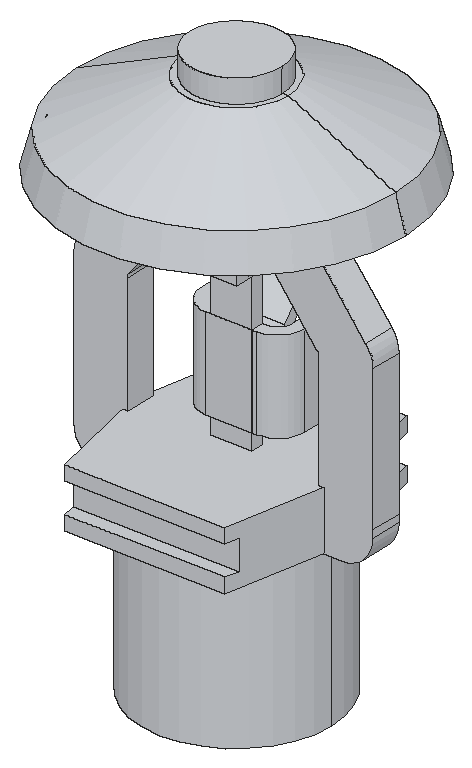
Revit family
Parameters (values of type "RASCO J168")
  Temperature Rating = 212 °F
  Response = (empty or 0)
  RASCO SIN # = "RA1124"
  RASCO Part # = "J1682"
  Pressure Rating = "175 PSI"
  Pressure Class = (empty or 0)
  Orifice Size = 3/4"
  Orifice = (empty or 0)
  Model = "J168"
  Manufacturer = "RASCO"
  K-Factor = 16.8
  Diameter = 3/4"
  Description = "BRONZE FINISH"
  Coverage = (empty or 0)
Reference planes (in)
  plane 1 "Center (Front/Back)": y = 0
  plane 2: z = 0
  plane 3 "Center (Left/Right)": x = 0
Nested families (in)
  nested 1: "RASCO- J1681" at (0, 1.16592, 0), type "RASCO J168"
Connectors (in)
  piping at (0, 1.16592, 0)
    settings: on nested 1, index 1, connector radius 1/2", flow factor 0, pipe flow 0 GPM, pressure drop 0.00 psi, fitting loss kfactor 0, connector angle 0.00°, fixture units 0, flow configuration 0, flow direction 0, fitting loss method 0, system type 7, connector reference index -1, connector utility 0, adjustable connector no, is connector primary yes, fitting loss table "", connector description ""
Definition of nested family "RASCO- J1681"
  Parameters (values of type "RASCO J168")
    Type Comments = ""
    Temperature Rating = 0 °F
    Response = (empty or 0)
    Pressure Rating = "0"
    Pressure Class = (empty or 0)
    Orifice Size = 0"
    Orifice = (empty or 0)
    Model = ""
    Manufacturer = ""
    K-Factor = 0
    Description = ""
    Coverage = (empty or 0)
    Assembly Code = ""
  Reference planes (in)
    plane 1 "Center (Front/Back)": y = 0
    plane 2: z = 0
    plane 3 "REF.1": z = 0.888
    plane 4 "top": z = 2.8125
    plane 5: x = -0.81624
    plane 6: x = 0.81332
    plane 7 "ref.2": z = 2.12402
    plane 8 "head": z = 2.72724
    plane 9 "left/right center": x = 0
    plane 10 "screw": z = 1.98251
    plane 11 "link2": through (0, -0.02489, 1.21079) normal (0, 0.6767, -0.7363)
    plane 12: z = 3.125
    plane 13: z = 1.213
  Forms (in)
    Extrusion 1, solid
      sketch origin (0, 0, 0) x (1, 0, 0) y (0, 1, 0)
        loop
          circle (0, 0) r 0.5221
      from 0 to 0.888
    Extrusion 2, solid
      sketch origin (0, 0, 0.888) x (-1, 0, 0) y (0, -1, 0)
        loop
          line (-0.43619, -0.62052) -> (0.4375, -0.62052) -> (0.56391, 0) -> (0.4375, 0.62052) -> (-0.43619, 0.62052) -> (-0.56259, 0) -> (-0.43619, -0.62052)
      from 0 to 0.325
    Extrusion 3, solid
      sketch origin (0, 0, 0) x (1, 0, 0) y (0, 0, 1)
        loop
          line (-0.5221, 0.888) -> (-0.5221, 1.098) -> (-0.5221, 1.86141)
          arc (-0.5221, 1.86141) -> (-0.5194, 1.87757) -> (-0.51161, 1.89198) r 0.04979
          line (-0.51161, 1.89198) -> (-0.21764, 2.26989) -> (-0.00066, 2.26989) -> (0.20278, 2.26989) -> (0.5115, 1.87435)
          arc (0.5115, 1.87435) -> (0.51938, 1.85983) -> (0.5221, 1.84354) r 0.05007
          line (0.5221, 1.84354) -> (0.5221, 1.098) -> (0.5221, 0.888) -> (0.64763, 0.888)
          arc (0.64763, 0.888) -> (0.76676, 0.93734) -> (0.8161, 1.05647) r 0.16847
          line (0.8161, 1.05647) -> (0.8161, 1.098) -> (0.8161, 1.88537)
          arc (0.8161, 1.88537) -> (0.80631, 1.94391) -> (0.77801, 1.99608) r 0.17993
          line (0.77801, 1.99608) -> (0.32662, 2.5744) -> (-0.32864, 2.5744) -> (-0.77818, 1.99651)
          arc (-0.77818, 1.99651) -> (-0.80636, 1.94441) -> (-0.8161, 1.88599) r 0.18
          line (-0.8161, 1.88599) -> (-0.8161, 1.098) -> (-0.8161, 1.05594)
          arc (-0.8161, 1.05594) -> (-0.76691, 0.93719) -> (-0.64816, 0.888) r 0.16794
          line (-0.64816, 0.888) -> (-0.5221, 0.888)
      from -0.08649 to 0.08732
    Revolve 4, solid
      sketch origin (0, 0, 0) x (1, 0, 0) y (0, 0, 1)
        loop
          line (-0.00066, 2.81189) -> (-0.32516, 2.81189)
          arc (-0.32516, 2.81189) -> (-0.339, 2.80616) -> (-0.34473, 2.79233) r 0.01957
          line (-0.34473, 2.79233) -> (-0.34473, 2.57443)
          arc (-0.34473, 2.57443) -> (-0.34132, 2.5437) -> (-0.33127, 2.51445) r 0.14031
          line (-0.33127, 2.51445) -> (-0.03397, 2.17619) -> (-0.00066, 2.17619) -> (-0.00066, 2.81189)
        axis (-0.00066, 2.81189) -> (-0.00066, 2.17619)
      angle from 0 to 360
    Extrusion 5, solid
      sketch origin (0, 0, 2.8125) x (-1, 0, 0) y (0, -1, 0)
        loop
          circle (0, 0) r 0.25
      from 0 to 0.3125
    Revolve 6, solid
      sketch origin (0, 0, 0) x (1, 0, 0) y (0, 0, 1)
        loop
          line (0, 2.99796) -> (-0.28606, 2.99796) -> (-0.87155, 2.72724) -> (-0.92272, 2.53626) -> (-0.87452, 2.53626) -> (-0.83546, 2.68206) -> (-0.27232, 2.94244) -> (0, 2.94244) -> (0, 2.99796)
        axis (0, 2.99796) -> (0, 2.53626)
      angle from 0 to 360
    Extrusion 7, solid
      sketch origin (0, 0, 0) x (1, 0, 0) y (0, 0, 1)
        loop
          line (0.10934, 1.213) -> (0.10934, 2.12264) -> (-0.11066, 2.12264) -> (-0.11066, 1.213) -> (0.10934, 1.213)
      from -0.03602 to 0.03346
    Extrusion 8, void
      sketch origin (0, 0, 0) x (0, 0, -1) y (0, -1, 0)
        loop
          line (-1.13167, -0.5226) -> (-1.13167, -0.74386) -> (-0.96882, -0.74386) -> (-0.96882, -0.5226) -> (-1.13167, -0.5226)
        loop
          line (-1.13167, 0.71629) -> (-1.13167, 0.54387) -> (-0.96882, 0.54387) -> (-0.96882, 0.71629) -> (-1.13167, 0.71629)
      from -0.56259 to 0.56391
    Extrusion 9, solid
      sketch origin (0, 0, 0) x (1, 0, 0) y (0, 1, 0)
        loop
          line (-0.13782, -0.03346) -> (0.13824, -0.03346)
          arc (0.13824, -0.03346) -> (0.24228, 0.00963) -> (0.28537, 0.11367) r 0.14713
          line (0.28537, 0.11367) -> (0.28537, 0.36654) -> (0.21637, 0.36654) -> (0.21637, 0.12177)
          arc (0.21637, 0.12177) -> (0.19125, 0.06113) -> (0.13062, 0.03602) r 0.08575
          line (0.13062, 0.03602) -> (-0.12969, 0.03602)
          arc (-0.12969, 0.03602) -> (-0.19046, 0.06119) -> (-0.21563, 0.12195) r 0.08594
          line (-0.21563, 0.12195) -> (-0.21563, 0.36654) -> (-0.28463, 0.36654) -> (-0.28463, 0.11335)
          arc (-0.28463, 0.11335) -> (-0.24163, 0.00954) -> (-0.13782, -0.03346) r 0.14681
      from 1.30472 to 1.80738
    Extrusion 10, solid
      sketch origin (0, 0, 0) x (0, 0, -1) y (0, -1, 0)
        loop
          circle (-1.56307, -0.22442) r 0.13793
      from -0.21637 to 0.21563
    Extrusion 11, solid
      sketch origin (0, 0, 0) x (0, 0, -1) y (0, -1, 0)
        loop
          arc (-2.17619, -0.26024) -> (-2.1058, -0.36958) -> (-1.97714, -0.35076) r 0.12011
          line (-1.97714, -0.35076) -> (-1.74478, -0.14809)
          arc (-1.74478, -0.14809) -> (-1.6682, -0.1024) -> (-1.58045, -0.08649) r 0.25
          line (-1.58045, -0.08649) -> (-1.42416, -0.08649) -> (-1.42416, -0.03602) -> (-1.5818, -0.03602)
          arc (-1.5818, -0.03602) -> (-1.69102, -0.05581) -> (-1.78634, -0.11268) r 0.31117
          line (-1.78634, -0.11268) -> (-1.99985, -0.29891)
          arc (-1.99985, -0.29891) -> (-2.07893, -0.31048) -> (-2.12219, -0.24328) r 0.07382
          line (-2.12219, -0.24328) -> (-2.12219, 0.21398) -> (-2.17619, 0.21398) -> (-2.17619, -0.26024)
      from -0.17291 to 0.17375
  Cuts and joins
    Extrusion 8 cuts Extrusion 2
    Extrusion 8 cuts Extrusion 3
  Dimensions and locks (in)
    plane 5 to Extrusion 9 = 0' - 1.10161"
